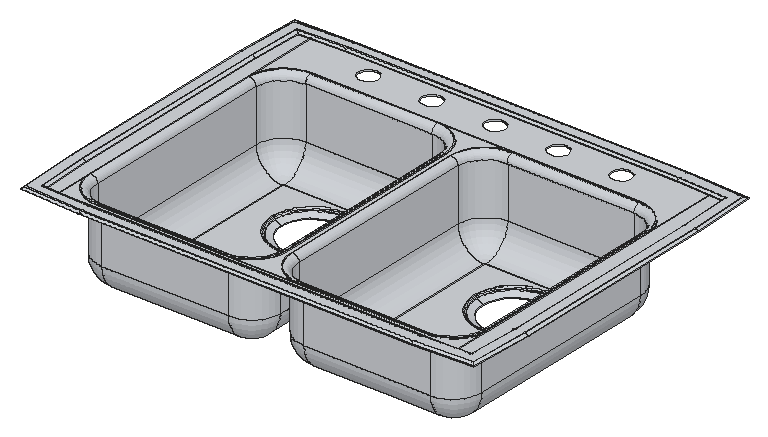
Revit family "LRAD292255", category Plumbing Fixtures, Revit 2019
Family settings
  Round Connector Dimension = Use Diameter
  Part Type = Normal
  OmniClass Number = 23.45.05.14.14
  OmniClass Title = Sinks/Lavatories
  Work Plane-Based = No
  Always vertical = Yes
  Cut with Voids When Loaded = No
  Shared = No
  Room Calculation Point = No
Parameters (values of type "LRAD2922555")
  URL = "www.elkayusa.com"
  Specification Sheet URL = "http://www.elkayusa.com/cps/rde/xbcr/elkay/01-62H_LR(Q)_LRAD(Q)_Double_Bowl.pdf"
  Sink Width = 1' - 10"  # constant formula
  Sink Material = none
  Sink Length = 2' - 5"  # constant formula
  Sink Ledge Sides Width = 0' - 2 3/8"  # constant formula
  Sink Ledge Front Width = 0' - 1 3/4"  # constant formula
  Sink Ledge Back Width = 0' - 4 1/4"  # constant formula
  Sink Depth = 0' - 5 1/2"  # constant formula
  Sink Bowl Formula = ((Sink Length - Sink Ledge Sides Width - Sink Ledge Sides Width - Partition Width) / 2)  # 0' - 11 1/2"
  Partition Width = 0' - 1 1/4"  # constant formula
  Model = "LR3321"
  Minimum Cabinet Width = "33\""
  Manufacturer = "Elkay Manufacturing"
  Installation Sheet URL = "http://www.elkayusa.com/cps/rde/xbcr/elkay/74180147.pdf"
  Hole 5 Top = 0' - 2"
  Hole 4 Top = 0' - 2"
  Hole 3 Top = 0' - 2"
  Hole 2 Top = 0' - 2"
  Hole 1 to 6 = 1' - 6"
  Hole 1 to 8 = 2' - 0"
  Hole 1 to 7 = 1' - 9"
  Hole 1 to 5 = 1' - 4"
  Hole 1 to 4 = 1' - 0"
  Hole 1 to 3 = 0' - 8"
  Hole 1 to 2 = 0' - 4"
  Hole 1 from CL = 0' - 8"
  Hole 1 Top = 0' - 2"
  Faucet Hole CL = 0' - 2 1/4"  # constant formula
  Drain Location = 0' - 4 1/2"  # constant formula
  Description = "Lustertone Double Bowl Sink"
  Deep Specification Sheet URL = "http://www.elkayusa.com/cps/rde/xbcr/elkay/01-19G_DLR(Q)_Double_Bowl.pdf"
  Custom Bowl = no
  Custom Bowl Length = ((Sink Length - Sink Ledge Sides Width - Sink Ledge Sides Width - Partition Width) / 2) - CL Sink to CL Partition  # 0' - 11 1/2"
  CL Sink to CL Partition = 0' - 0"
  Bowl Length = ((Sink Length - Sink Ledge Sides Width - Sink Ledge Sides Width - Partition Width) / 2)  # 0' - 11 1/2"
  Left Bowl Length = if(Custom Bowl, Custom Bowl Length, Sink Bowl Formula)  # 0' - 11 1/2"
  2D Hole 5 = Hole 5 Top = 0' 2"  # yes
  2D Hole 4 = Hole 4 Top = 0' 2"  # yes
  2D Hole 3 = Hole 3 Top = 0' 2"  # yes
  2D Hole 2 = Hole 2 Top = 0' 2"  # yes
  2D Hole 1 = Hole 1 Top = 0' 2"  # yes
Types (6): name | Hole 5 Top | Hole 4 Top | Hole 3 Top | Hole 2 Top | Hole 1 to 5 | Hole 1 from CL | 2D Hole 5 | 2D Hole 4 | 2D Hole 3 | 2D Hole 2
  LRAD2922555 | 0' - 2" | 0' - 2" | 0' - 2" | 0' - 2" | 1' - 4" | 0' - 8" | yes | yes | yes | yes
  LRAD2922554 | 0' - 1 1/2" | 0' - 2" | 0' - 2" | 0' - 2" | 1' - 3" | 0' - 4" | no | yes | yes | yes
  LRAD2922553 | 0' - 1 1/2" | 0' - 1 1/2" | 0' - 2" | 0' - 2" | 1' - 3" | 0' - 4" | no | no | yes | yes
  LRAD292255MR2 | 0' - 1 1/2" | 0' - 1 1/2" | 0' - 1 1/2" | 0' - 2" | 1' - 3" | 0' - 0" | no | no | no | yes
  LRAD2922552 | 0' - 1 1/2" | 0' - 1 1/2" | 0' - 1 1/2" | 0' - 2" | 1' - 3" | 0' - 2" | no | no | no | yes
  LRAD2922551 | 0' - 1 1/2" | 0' - 1 1/2" | 0' - 1 1/2" | 0' - 1 1/2" | 1' - 3" | 0' - 0" | no | no | no | no
Reference planes (in)
  plane 1 "CL Sink Hole": y = 3.5
  plane 2 "Rim Top Outside Corner": z = 0.0015695
  plane 3 "Center (Left/Right)": x = 0
  plane 4 "Basin Edge Left": x = -12.125
  plane 5 "Basin Edge Right": x = 12.125
  plane 6 "Basin Edge Back": y = 8
  plane 7 "Basin Edge Front": y = -8
  plane 8 "Left": x = -14.5
  plane 9 "Right": x = 14.5
  plane 10 "Back": y = 12.25
  plane 11 "Front": y = -9.75
  plane 12 "Sink Angle Back Corner": y = 12.0792275
  plane 13 "Sink Angle Right Corner": x = 14.3267866
  plane 14 "Sink Angle Right": x = 10.5172067
  plane 15 "Sink Angle Back": y = 7.9648437
  plane 16 "Sink Angle Left": x = -10.515625
  plane 17 "Sink Angle Left Corner": x = -14.328125
  plane 18 "Sink Angle Front Corner": y = -9.578125
  plane 19 "Sink Angle Front": y = -5.4648437
  plane 20 "Sink Top Face Back Edge": y = 11.2219509
  plane 21 "Sink Top Face Front Edge": y = -8.7226562
  plane 22 "Sink Top Face Right Edge": x = 12.5976563
  plane 23 "Sink Top Face Left Edge": x = -12.5976563
  plane 24 "Sink Bowl Bottom (Top Face)": z = -5.3945312
  plane 25 "Faucet CL": y = 10
  plane 26 "Sink Top Piece Top Face": z = -0.0194305
  plane 27 "Sink Top Piece Bottom Face": z = -0.0819305
  plane 28 "Left Sink Bottom Piece Right Edge": x = -2.3125
  plane 29 "Top Void for Radius Back Edge": y = 5.5
  plane 30 "back ledge void radius": y = 8.4921875
  plane 31 "front ledge void radius": y = -8.4921875
  plane 32 "Top Radius Corner Prot": z = -0.4405305
  plane 33: z = -3.7070312
  plane 34 "Sink Bowl Bottom (Bottom Face)": z = -5.4570312
  plane 35 "Left Sink Bottom Piece Left Edge": x = -10.4375
  plane 36 "Sink Bottom Piece Right Edge": x = 10.4375
  plane 37 "Sink Bottom Piece Back Edge": y = 6.3125
  plane 38 "Sink Bottom Piece Front Edge": y = -6.3125
  plane 39 "Top Void for Radius Front Edge": y = -5
  plane 40 "Sink Top Locked Edge Right": x = 13.5625
  plane 41 "Sink Top Locked Edge Left": x = -13.5625
  plane 42 "Hole 1": x = -8
  plane 43 "Hole 2": x = -4
  plane 44 "Hole 3": x = 0
  plane 45 "Hole 4": x = 4
  plane 46 "Hole 5": x = 8
  plane 47 "Faucet Hole Void Bottoms": z = -1.9984305
  plane 48 "Hole 1 Top": z = 0.0015695
  plane 49 "Hole 2 Top": z = 0.0015695
  plane 50 "Hole 3 Top": z = 0.0015695
  plane 51 "Hole 4 Top": z = 0.0015695
  plane 52 "Hole 5 Top": z = 0.0015695
  plane 53 "Top": z = 0.1054687
  plane 54 "Insertion Plan for Sink - Bottom Outside Corner of Rim": z = -0.0524008
  plane 55 "Center (Front/Back)": y = 0
  plane 56 "CL PARTITION": x = 0
  plane 57 "LEFT BOWL RIGHT EDGE": x = -0.625
  plane 58 "RIGHT BOWL LEFT EDGE": x = 0.625
  plane 59 "Sink Bottom Piece Left Edge": x = 2.3125
  plane 60 "Left Bowl CL Drain": x = -6.375
  plane 61 "Right Bowl CL Drain": x = 6.375
  plane 62 "Left Partition Left Edge": x = -0.1328125
  plane 63 "Left Partition Right Edge": x = 0.1328125
Forms (in)
  Sweep 1, solid, material <- "Sink Material"
    path origin (0, 0, 0) x (1, 0, 0) y (0, 1, 0)
      loop
        line (10.5172067, 12.25) -> (-10.515625, 12.25) -> (-14.328125, 12.0792275) -> (-14.5, 7.9648437) -> (-14.5, -5.4648437) -> (-14.328125, -9.578125) -> (-10.515625, -9.75) -> (10.5172067, -9.75) -> (14.3267866, -9.578125) -> (14.5, -5.4648437) -> (14.5, 7.9648437) -> (14.3267866, 12.0792275) -> (10.5172067, 12.25)
    profile "profile-elkay-sink-rim-1 : profile-elkay-sink-rim-1" origin (0.0007909, 12.25, 0) x (0, -1, 0) y (0, 0, 1)
      loop
        line (0, 0) -> (0, -0.0524008) -> (0.2039181, 0.0577989) -> (0.8052651, 0.0577989) -> (1.0074493, -0.0709913) -> (1.0074493, -0.0163327) -> (0.841093, 0.0896347)
        arc (0.841093, 0.0896347) -> (0.8176388, 0.1002604) -> (0.7921483, 0.1038992) r 0.091102
        line (0.7921483, 0.1038992) -> (0.2153023, 0.1038992)
        arc (0.2153023, 0.1038992) -> (0.1929626, 0.1011179) -> (0.1719868, 0.0929438) r 0.0911081
        line (0.1719868, 0.0929438) -> (0, 0)
  Extrusion 2, solid, material <- "Sink Material"
    sketch origin (0, 0, 0) x (1, 0, 0) y (0, 1, 0)
      loop
        line (-12.5976563, 11.2219509) -> (-12.5976563, 5.5) -> (12.5976563, 5.5) -> (12.5976563, 11.2219509) -> (-12.5976563, 11.2219509)
    from -0.0819305 to -0.0194305
  Extrusion 3, void
    sketch origin (0, 0, 0) x (1, 0, 0) y (0, 1, 0)
      loop
        line (12.5976563, 5.5) -> (12.5976563, 6.1441505)
        arc (12.5976563, 6.1441505) -> (11.9099322, 7.8044634) -> (10.2496193, 8.4921875) r 2.348037
        line (10.2496193, 8.4921875) -> (-10.25, 8.4921875)
        arc (-10.25, 8.4921875) -> (-11.9100437, 7.8045749) -> (-12.5976563, 6.1445312) r 2.3476562
        line (-12.5976563, 6.1445312) -> (-12.5976563, 5.5) -> (12.5976563, 5.5)
    from -0.7469965 to 0.495879
  Extrusion 4, solid, material <- "Sink Material"
    sketch origin (0, 0, 0) x (1, 0, 0) y (0, 1, 0)
      loop
        line (-12.5976563, -5.4648437) -> (-12.5976563, -8.7226562) -> (12.5976563, -8.7226562) -> (12.5976563, -5.4648437) -> (-12.5976563, -5.4648437)
    from -0.0819305 to -0.0194305
  Extrusion 5, void
    sketch origin (0, 0, 0) x (1, 0, 0) y (0, 1, 0)
      loop
        line (-12.5976563, -5) -> (-12.5976563, -6.2107599)
        arc (-12.5976563, -6.2107599) -> (-11.9294416, -7.8239728) -> (-10.3162287, -8.4921875) r 2.2814276
        line (-10.3162287, -8.4921875) -> (10.3164063, -8.4921875)
        arc (10.3164063, -8.4921875) -> (11.9294936, -7.8240248) -> (12.5976563, -6.2109375) r 2.28125
        line (12.5976563, -6.2109375) -> (12.5976563, -5) -> (-12.5976563, -5)
    from -1.9984305 to 0.6466859
  Extrusion 6, solid, material <- "Sink Material"
    sketch origin (0, 0, 0) x (1, 0, 0) y (0, 1, 0)
      loop
        line (-13.5625, 11.2219509) -> (-13.5625, -8.7226562) -> (-12.5976563, -8.7226562) -> (-12.5976563, 11.2219509) -> (-13.5625, 11.2219509)
    from -0.0819305 to -0.0194305
  Extrusion 7, solid, material <- "Sink Material"
    sketch origin (0, 0, 0) x (1, 0, 0) y (0, 1, 0)
      loop
        line (12.5976563, 11.2219509) -> (12.5976563, -8.7226562) -> (13.5625, -8.7226562) -> (13.5625, 11.2219509) -> (12.5976563, 11.2219509)
    from -0.0819305 to -0.0194305
  Sweep 8, solid, material <- "Sink Material"
    path origin (-14.75, 0, -0.0194305) x (-1, 0, 0) y (0, -1, 0)
      loop
        line (-12.375, -8) -> (-4.375, -8)
        arc (-4.375, -8) -> (-3.1375631, -7.4874369) -> (-2.625, -6.25) r 1.75
        line (-2.625, -6.25) -> (-2.625, 6.25)
        arc (-2.625, 6.25) -> (-3.1375631, 7.4874369) -> (-4.375, 8) r 1.75
        line (-4.375, 8) -> (-12.375, 8)
        arc (-12.375, 8) -> (-13.6124369, 7.4874369) -> (-14.125, 6.25) r 1.75
        line (-14.125, 6.25) -> (-14.125, -6.25)
        arc (-14.125, -6.25) -> (-13.6124369, -7.4874369) -> (-12.375, -8) r 1.75
    profile "profile-elkay-sink-top corner : profile-elkay-sink-top corner" origin (-6.375, 8, -0.0194305) x (0, -1, 0) y (0, 0, 1)
      loop
        line (-0.4204811, 0) -> (-0.4921875, 0) -> (-0.4921875, -0.0461) -> (-0.4204811, -0.0461)
        arc (-0.4204811, -0.0461) -> (-0.1553161, -0.155935) -> (-0.0454811, -0.4211) r 0.375
        line (-0.0454811, -0.4211) -> (0.0006189, -0.4211)
        arc (0.0006189, -0.4211) -> (-0.1227185, -0.1233373) -> (-0.4204811, 0) r 0.4211
  Sweep 9, solid, material <- "Sink Material"
    path origin (-14.75, 0, -5.3945312) x (-1, 0, 0) y (0, -1, 0)
      loop
        line (-2.625, -6.25) -> (-2.625, 6.25)
        arc (-2.625, 6.25) -> (-3.1375631, 7.4874369) -> (-4.375, 8) r 1.75
        line (-4.375, 8) -> (-12.375, 8)
        arc (-12.375, 8) -> (-13.6124369, 7.4874369) -> (-14.125, 6.25) r 1.75
        line (-14.125, 6.25) -> (-14.125, -6.25)
        arc (-14.125, -6.25) -> (-13.6124369, -7.4874369) -> (-12.375, -8) r 1.75
        line (-12.375, -8) -> (-4.375, -8)
        arc (-4.375, -8) -> (-3.1375631, -7.4874369) -> (-2.625, -6.25) r 1.75
    profile "profile-elkay-sink-btm-crnr_1-6875 : profile-elkay-sink-btm-crnr_1-6875" origin (-12.125, 0, -5.3945312) x (1, 0, 0) y (0, 0, 1)
      loop
        line (1.6875, -0.0625) -> (1.6875, 0)
        arc (1.6875, 0) -> (0.4942573, 0.4942573) -> (0, 1.6875) r 1.6875
        line (0, 1.6875) -> (-0.0625, 1.6875)
        arc (-0.0625, 1.6875) -> (0.4500631, 0.4500631) -> (1.6875, -0.0625) r 1.75
  Extrusion 10, solid, material <- "Sink Material"
    sketch origin (0, 0, 0) x (1, 0, 0) y (0, 1, 0)
      loop
        line (-10.4375, 6.3125) -> (-10.4375, -6.3125) -> (-2.3125, -6.3125) -> (-2.3125, 6.3125) -> (-10.4375, 6.3125)
    from -5.4570312 to -5.3945312
  Extrusion 11, solid, material <- "Sink Material"
    sketch origin (-14.75, 0, 0) x (1, 0, 0) y (0, 1, 0)
      loop
        arc (4.375, 8) -> (3.1375631, 7.4874369) -> (2.625, 6.25) r 1.75
        line (2.625, 6.25) -> (2.625, -6.25)
        arc (2.625, -6.25) -> (3.1375631, -7.4874369) -> (4.375, -8) r 1.75
        line (4.375, -8) -> (12.375, -8)
        arc (12.375, -8) -> (13.6124369, -7.4874369) -> (14.125, -6.25) r 1.75
        line (14.125, -6.25) -> (14.125, 6.25)
        arc (14.125, 6.25) -> (13.6124369, 7.4874369) -> (12.375, 8) r 1.75
        line (12.375, 8) -> (4.375, 8)
      loop
        arc (4.375, 8.0625) -> (3.093369, 7.531631) -> (2.5625, 6.25) r 1.8125
        line (2.5625, 6.25) -> (2.5625, -6.25)
        arc (2.5625, -6.25) -> (3.093369, -7.531631) -> (4.375, -8.0625) r 1.8125
        line (4.375, -8.0625) -> (12.375, -8.0625)
        arc (12.375, -8.0625) -> (13.656631, -7.531631) -> (14.1875, -6.25) r 1.8125
        line (14.1875, -6.25) -> (14.1875, 6.25)
        arc (14.1875, 6.25) -> (13.656631, 7.531631) -> (12.375, 8.0625) r 1.8125
        line (12.375, 8.0625) -> (4.375, 8.0625)
    from -3.7070312 to -0.4405305
  Extrusion 12, void
    sketch origin (0, 0, 0) x (1, 0, 0) y (0, 1, 0)
      loop
        circle (-6.375, 3.5) r 2.5
    from -5.4570312 to -3.8320313
  Sweep 13, solid, material <- "Sink Material"
    path origin (-14.75, 0, -5.3945312) x (-1, 0, 0) y (0, -1, 0)
      loop
        circle (-8.375, -3.5) r 2.501635
    profile "profile-elkay-sink-hole-1 : profile-elkay-sink-hole-1" origin (-6.375, 0.998365, -5.3945312) x (0, 1, 0) y (0, 0, 1)
      loop
        line (0.5785343, -0.3269365) -> (0.1564602, -0.1343744)
        arc (0.1564602, -0.1343744) -> (0.1424945, -0.125589) -> (0.1313144, -0.1134552) r 0.0625
        line (0.1313144, -0.1134552) -> (0.0881719, -0.0522605)
        arc (0.0881719, -0.0522605) -> (0.0506391, -0.015074) -> (0, 0) r 0.1086
        line (0, 0) -> (0, -0.0461763)
        arc (0, -0.0461763) -> (0.0262058, -0.0541921) -> (0.0464633, -0.0726482) r 0.0625
        line (0.0464633, -0.0726482) -> (0.093406, -0.1396891)
        arc (0.093406, -0.1396891) -> (0.1129384, -0.1609677) -> (0.1373891, -0.176345) r 0.1086
        line (0.1373891, -0.176345) -> (0.5785343, -0.3776079) -> (0.5785343, -0.3269365)
  Sweep 14, solid, material <- "Sink Material"
    path origin (14.75, 0, -0.0194305) x (-1, 0, 0) y (0, -1, 0)
      loop
        line (4.375, -8) -> (12.375, -8)
        arc (12.375, -8) -> (13.6124369, -7.4874369) -> (14.125, -6.25) r 1.75
        line (14.125, -6.25) -> (14.125, 6.25)
        arc (14.125, 6.25) -> (13.6124369, 7.4874369) -> (12.375, 8) r 1.75
        line (12.375, 8) -> (4.375, 8)
        arc (4.375, 8) -> (3.1375631, 7.4874369) -> (2.625, 6.25) r 1.75
        line (2.625, 6.25) -> (2.625, -6.25)
        arc (2.625, -6.25) -> (3.1375631, -7.4874369) -> (4.375, -8) r 1.75
    profile "profile-elkay-sink-top corner : profile-elkay-sink-top corner" origin (6.375, 8, -0.0194305) x (0, -1, 0) y (0, 0, 1)
      loop
        line (-0.4204811, 0) -> (-0.4921875, 0) -> (-0.4921875, -0.0461) -> (-0.4204811, -0.0461)
        arc (-0.4204811, -0.0461) -> (-0.1553161, -0.155935) -> (-0.0454811, -0.4211) r 0.375
        line (-0.0454811, -0.4211) -> (0.0006189, -0.4211)
        arc (0.0006189, -0.4211) -> (-0.1227185, -0.1233373) -> (-0.4204811, 0) r 0.4211
  Sweep 15, solid, material <- "Sink Material"
    path origin (14.75, 0, -5.3945312) x (-1, 0, 0) y (0, -1, 0)
      loop
        line (14.125, -6.25) -> (14.125, 6.25)
        arc (14.125, 6.25) -> (13.6124369, 7.4874369) -> (12.375, 8) r 1.75
        line (12.375, 8) -> (4.375, 8)
        arc (4.375, 8) -> (3.1375631, 7.4874369) -> (2.625, 6.25) r 1.75
        line (2.625, 6.25) -> (2.625, -6.25)
        arc (2.625, -6.25) -> (3.1375631, -7.4874369) -> (4.375, -8) r 1.75
        line (4.375, -8) -> (12.375, -8)
        arc (12.375, -8) -> (13.6124369, -7.4874369) -> (14.125, -6.25) r 1.75
    profile "profile-elkay-sink-btm-crnr_1-6875 : profile-elkay-sink-btm-crnr_1-6875" origin (0.625, 0, -5.3945312) x (1, 0, 0) y (0, 0, 1)
      loop
        line (1.6875, -0.0625) -> (1.6875, 0)
        arc (1.6875, 0) -> (0.4942573, 0.4942573) -> (0, 1.6875) r 1.6875
        line (0, 1.6875) -> (-0.0625, 1.6875)
        arc (-0.0625, 1.6875) -> (0.4500631, 0.4500631) -> (1.6875, -0.0625) r 1.75
  Extrusion 16, solid, material <- "Sink Material"
    sketch origin (14.75, 0, 0) x (1, 0, 0) y (0, 1, 0)
      loop
        arc (-12.375, 8) -> (-13.6124369, 7.4874369) -> (-14.125, 6.25) r 1.75
        line (-14.125, 6.25) -> (-14.125, -6.25)
        arc (-14.125, -6.25) -> (-13.6124369, -7.4874369) -> (-12.375, -8) r 1.75
        line (-12.375, -8) -> (-4.375, -8)
        arc (-4.375, -8) -> (-3.1375631, -7.4874369) -> (-2.625, -6.25) r 1.75
        line (-2.625, -6.25) -> (-2.625, 6.25)
        arc (-2.625, 6.25) -> (-3.1375631, 7.4874369) -> (-4.375, 8) r 1.75
        line (-4.375, 8) -> (-12.375, 8)
      loop
        arc (-12.375, 8.0625) -> (-13.656631, 7.531631) -> (-14.1875, 6.25) r 1.8125
        line (-14.1875, 6.25) -> (-14.1875, -6.25)
        arc (-14.1875, -6.25) -> (-13.656631, -7.531631) -> (-12.375, -8.0625) r 1.8125
        line (-12.375, -8.0625) -> (-4.375, -8.0625)
        arc (-4.375, -8.0625) -> (-3.093369, -7.531631) -> (-2.5625, -6.25) r 1.8125
        line (-2.5625, -6.25) -> (-2.5625, 6.25)
        arc (-2.5625, 6.25) -> (-3.093369, 7.531631) -> (-4.375, 8.0625) r 1.8125
        line (-4.375, 8.0625) -> (-12.375, 8.0625)
    from -3.7070312 to -0.4405305
  Extrusion 17, solid, material <- "Sink Material"
    sketch origin (0, 0, 0) x (1, 0, 0) y (0, 1, 0)
      loop
        line (2.3125, 6.3125) -> (2.3125, -6.3125) -> (10.4375, -6.3125) -> (10.4375, 6.3125) -> (2.3125, 6.3125)
    from -5.4570312 to -5.3945312
  Extrusion 18, void
    sketch origin (0, 0, 0) x (1, 0, 0) y (0, 1, 0)
      loop
        circle (6.375, 3.5) r 2.5
    from -5.4570312 to -3.7070312
  Sweep 19, solid, material <- "Sink Material"
    path origin (14.75, 0, -5.3945312) x (-1, 0, 0) y (0, -1, 0)
      loop
        circle (8.375, -3.5) r 2.501635
    profile "profile-elkay-sink-hole-1 : profile-elkay-sink-hole-1" origin (6.375, 0.998365, -5.3945312) x (0, 1, 0) y (0, 0, 1)
      loop
        line (0.5785343, -0.3269365) -> (0.1564602, -0.1343744)
        arc (0.1564602, -0.1343744) -> (0.1424945, -0.125589) -> (0.1313144, -0.1134552) r 0.0625
        line (0.1313144, -0.1134552) -> (0.0881719, -0.0522605)
        arc (0.0881719, -0.0522605) -> (0.0506391, -0.015074) -> (0, 0) r 0.1086
        line (0, 0) -> (0, -0.0461763)
        arc (0, -0.0461763) -> (0.0262058, -0.0541921) -> (0.0464633, -0.0726482) r 0.0625
        line (0.0464633, -0.0726482) -> (0.093406, -0.1396891)
        arc (0.093406, -0.1396891) -> (0.1129384, -0.1609677) -> (0.1373891, -0.176345) r 0.1086
        line (0.1373891, -0.176345) -> (0.5785343, -0.3776079) -> (0.5785343, -0.3269365)
  Extrusion 20, void
    sketch origin (0, 0, 0) x (1, 0, 0) y (0, 1, 0)
      loop
        circle (-8, 10) r 0.625
    from -1.9984305 to 0.0015695
  Extrusion 21, void
    sketch origin (0, 0, 0) x (1, 0, 0) y (0, 1, 0)
      loop
        circle (-4, 10) r 0.625
    from -1.9984305 to 0.0015695
  Extrusion 22, void
    sketch origin (0, 0, 0) x (1, 0, 0) y (0, 1, 0)
      loop
        circle (0, 10) r 0.625
    from -1.9984305 to 0.0015695
  Extrusion 23, void
    sketch origin (0, 0, 0) x (1, 0, 0) y (0, 1, 0)
      loop
        circle (4, 10) r 0.625
    from -1.9984305 to 0.0015695
  Extrusion 24, void
    sketch origin (0, 0, 0) x (1, 0, 0) y (0, 1, 0)
      loop
        circle (8, 10) r 0.625
    from -1.9984305 to 0.0015695
  Extrusion 25, solid, material <- "Sink Material"
    sketch origin (0, 0, 0) x (1, 0, 0) y (0, 1, 0)
      loop
        arc (-2.375, 8.4921875) -> (-0.789534, 7.835466) -> (-0.1328125, 6.25) r 2.2421875
        line (-0.1328125, 6.25) -> (-0.1328125, -6.25)
        arc (-0.1328125, -6.25) -> (-0.789534, -7.835466) -> (-2.375, -8.4921875) r 2.2421875
        line (-2.375, -8.4921875) -> (2.375, -8.4921875)
        arc (2.375, -8.4921875) -> (0.789534, -7.835466) -> (0.1328125, -6.25) r 2.2421875
        line (0.1328125, -6.25) -> (0.1328125, 6.25)
        arc (0.1328125, 6.25) -> (0.789534, 7.835466) -> (2.375, 8.4921875) r 2.2421875
        line (2.375, 8.4921875) -> (-2.375, 8.4921875)
    from -0.0819305 to -0.0194305
Cuts and joins
  Extrusion 3, Extrusion 12, Extrusion 18, Extrusion 20, Extrusion 21, Extrusion 22, Extrusion 23, Extrusion 24 cuts Sweep 1
  Extrusion 3, Extrusion 20, Extrusion 21, Extrusion 22, Extrusion 23, Extrusion 24 cuts Extrusion 2
  Extrusion 5 cuts Extrusion 4
  Extrusion 12 cuts Extrusion 10
  Extrusion 18 cuts Extrusion 17
Lines and regions (in)
  reference lines
    curve 1: line (10.5172067, 12.25, 0) -> (14.3267866, 12.0792275, 0)
    curve 2: line (14.3267866, 12.0792275, 0) -> (14.5, 7.9648437, 0)
    curve 3: line (-10.515625, 12.25, 0) -> (-14.328125, 12.0792275, 0)
    curve 4: line (-14.328125, 12.0792275, 0) -> (-14.5, 7.9648437, 0)
    curve 5: line (-14.5, -5.4648437, 0) -> (-14.328125, -9.578125, 0)
    curve 6: line (-14.328125, -9.578125, 0) -> (-10.515625, -9.75, 0)
    curve 7: line (14.5, -5.4648437, 0) -> (14.3267866, -9.578125, 0)
    curve 8: line (14.3267866, -9.578125, 0) -> (10.5172067, -9.75, 0)
Dimensions and locks (in)
  "Sink Ledge Sides Width": plane 8 "Left" to plane 4 "Basin Edge Left"
  "Sink Ledge Sides Width": plane 5 "Basin Edge Right" to plane 9 "Right"
  "Sink Length": plane 8 "Left" to plane 9 "Right"
  "Drain Location": plane 6 "Basin Edge Back" to plane 1 "CL Sink Hole"
  "Sink Ledge Back Width": plane 10 "Back" to plane 6 "Basin Edge Back"
  "Sink Ledge Front Width": plane 7 "Basin Edge Front" to plane 11 "Front"
  locked: plane 13 "Sink Angle Right Corner" to plane 9 "Right" at 0.1732134
  locked: plane 10 "Back" to plane 12 "Sink Angle Back Corner" at 0.1707725
  locked: plane 14 "Sink Angle Right" to plane 9 "Right" at 3.9827933
  locked: plane 10 "Back" to plane 15 "Sink Angle Back" at 4.2851562
  locked: plane 8 "Left" to plane 17 "Sink Angle Left Corner" at 0.171875
  locked: plane 8 "Left" to plane 16 "Sink Angle Left" at 3.984375
  locked: plane 18 "Sink Angle Front Corner" to plane 11 "Front" at 0.171875
  locked: plane 19 "Sink Angle Front" to plane 11 "Front" at 4.2851562
  "Sink Width": plane 10 "Back" to plane 11 "Front"
  locked: plane 10 "Back" to plane 20 "Sink Top Face Back Edge" at 1.0280491
  locked: plane 21 "Sink Top Face Front Edge" to plane 11 "Front" at 1.0273438
  locked: plane 23 "Sink Top Face Left Edge" to plane 4 "Basin Edge Left" at 0.4726562
  "Sink Depth": plane 53 "Top" to plane 24 "Sink Bowl Bottom (Top Face)"
  "Faucet Hole CL": plane 10 "Back" to plane 25 "Faucet CL"
  locked: plane 2 "Rim Top Outside Corner" to plane 26 "Sink Top Piece Top Face" at 0.021
  locked: plane 26 "Sink Top Piece Top Face" to plane 27 "Sink Top Piece Bottom Face" at 0.0625
  locked: plane 6 "Basin Edge Back" to plane 29 "Top Void for Radius Back Edge" at 2.5
  locked: plane 30 "back ledge void radius" to plane 29 "Top Void for Radius Back Edge" at 2.9921875
  locked: plane 39 "Top Void for Radius Front Edge" to plane 31 "front ledge void radius" at 3.4921875
  locked: plane 2 "Rim Top Outside Corner" to plane 32 "Top Radius Corner Prot" at 0.4421
  locked: plane 33 to plane 24 "Sink Bowl Bottom (Top Face)" at 1.6875
  locked: plane 24 "Sink Bowl Bottom (Top Face)" to plane 34 "Sink Bowl Bottom (Bottom Face)" at 0.0625
  locked: plane 38 "Sink Bottom Piece Front Edge" to plane 7 "Basin Edge Front" at 1.6875
  locked: plane 4 "Basin Edge Left" to plane 35 "Left Sink Bottom Piece Left Edge" at 1.6875
  locked: plane 36 "Sink Bottom Piece Right Edge" to plane 5 "Basin Edge Right" at 1.6875
  locked: plane 6 "Basin Edge Back" to plane 37 "Sink Bottom Piece Back Edge" at 1.6875
  locked: plane 39 "Top Void for Radius Front Edge" to plane 7 "Basin Edge Front" at 3
  locked: plane 5 "Basin Edge Right" to plane 22 "Sink Top Face Right Edge" at 0.4726562
  locked: Extrusion 3 sketch curve to plane 5 "Basin Edge Right" at 1.8753807
  locked: plane 6 "Basin Edge Back" to Extrusion 3 sketch curve at 1.8558495
  locked: plane 4 "Basin Edge Left" to Extrusion 3 sketch curve at 1.875
  locked: plane 6 "Basin Edge Back" to Extrusion 3 sketch curve at 1.8554688
  locked: plane 4 "Basin Edge Left" to Extrusion 5 sketch curve at 1.8087713
  locked: Extrusion 5 sketch curve to plane 5 "Basin Edge Right" at 1.8085938
  locked: Extrusion 5 sketch curve to plane 7 "Basin Edge Front" at 1.7892401
  locked: Extrusion 5 sketch curve to plane 7 "Basin Edge Front" at 1.7890625
  locked: plane 40 "Sink Top Locked Edge Right" to plane 9 "Right" at 0.9375
  locked: plane 8 "Left" to plane 41 "Sink Top Locked Edge Left" at 0.9375
  "Hole 1 from CL": plane 42 "Hole 1" to plane 3 "Center (Left/Right)"
  "Hole 1 to 2": plane 42 "Hole 1" to plane 43 "Hole 2"
  "Hole 1 to 3": plane 42 "Hole 1" to plane 44 "Hole 3"
  "Hole 1 to 4": plane 42 "Hole 1" to plane 45 "Hole 4"
  "Hole 1 to 5": plane 42 "Hole 1" to plane 46 "Hole 5"
  locked: plane 2 "Rim Top Outside Corner" to plane 47 "Faucet Hole Void Bottoms" at 2
  "Hole 1 Top": plane 48 "Hole 1 Top" to plane 47 "Faucet Hole Void Bottoms"
  "Hole 2 Top": plane 49 "Hole 2 Top" to plane 47 "Faucet Hole Void Bottoms"
  "Hole 3 Top": plane 50 "Hole 3 Top" to plane 47 "Faucet Hole Void Bottoms"
  "Hole 4 Top": plane 51 "Hole 4 Top" to plane 47 "Faucet Hole Void Bottoms"
  "Hole 5 Top": plane 52 "Hole 5 Top" to plane 47 "Faucet Hole Void Bottoms"
  locked: plane 53 "Top" to plane 2 "Rim Top Outside Corner" at 0.1038992
  locked: plane 53 "Top" to plane 54 "Insertion Plan for Sink - Bottom Outside Corner of Rim" at 0.1578695
  equal spacing: plane 6 "Basin Edge Back", plane 55 "Center (Front/Back)", plane 7 "Basin Edge Front"
  locked: plane 28 "Left Sink Bottom Piece Right Edge" to plane 57 "LEFT BOWL RIGHT EDGE" at 1.6875
  locked: plane 58 "RIGHT BOWL LEFT EDGE" to plane 59 "Sink Bottom Piece Left Edge" at 1.6875
  locked: plane 6 "Basin Edge Back" to Sweep 8 sketch curve at 1.75  (x2)
  locked: plane 4 "Basin Edge Left" to Sweep 8 sketch curve at 1.75  (x2)
  locked: Sweep 8 sketch curve to plane 57 "LEFT BOWL RIGHT EDGE" at 1.75  (x2)
  locked: Sweep 8 sketch curve to plane 7 "Basin Edge Front" at 1.75  (x2)
  equal spacing: plane 8 "Left", plane 3 "Center (Left/Right)", plane 9 "Right"
  equal spacing: plane 4 "Basin Edge Left", plane 60 "Left Bowl CL Drain", plane 57 "LEFT BOWL RIGHT EDGE"
  equal spacing: plane 58 "RIGHT BOWL LEFT EDGE", plane 61 "Right Bowl CL Drain", plane 5 "Basin Edge Right"
  locked: plane 4 "Basin Edge Left" to Sweep 9 sketch curve at 1.75  (x2)
  locked: Sweep 9 sketch curve to plane 57 "LEFT BOWL RIGHT EDGE" at 1.75  (x2)
  locked: plane 6 "Basin Edge Back" to Sweep 9 sketch curve at 1.75  (x2)
  locked: Sweep 9 sketch curve to plane 7 "Basin Edge Front" at 1.75  (x2)
  locked: plane 6 "Basin Edge Back" to Extrusion 11 sketch curve at 1.75  (x2)
  locked: plane 4 "Basin Edge Left" to Extrusion 11 sketch curve at 1.75  (x2)
  locked: Extrusion 11 sketch curve to plane 57 "LEFT BOWL RIGHT EDGE" at 1.75  (x2)
  locked: Extrusion 11 sketch curve to plane 7 "Basin Edge Front" at 1.75  (x2)
  locked: plane 58 "RIGHT BOWL LEFT EDGE" to Sweep 14 sketch curve at 1.75  (x2)
  locked: Sweep 14 sketch curve to plane 5 "Basin Edge Right" at 1.75  (x2)
  locked: plane 6 "Basin Edge Back" to Sweep 14 sketch curve at 1.75  (x2)
  locked: Sweep 14 sketch curve to plane 7 "Basin Edge Front" at 1.75  (x2)
  locked: Sweep 15 sketch curve to plane 5 "Basin Edge Right" at 1.75  (x2)
  locked: Sweep 15 sketch curve to plane 7 "Basin Edge Front" at 1.75  (x2)
  locked: plane 58 "RIGHT BOWL LEFT EDGE" to Sweep 15 sketch curve at 1.75  (x2)
  locked: plane 6 "Basin Edge Back" to Sweep 15 sketch curve at 1.75  (x2)
  locked: plane 58 "RIGHT BOWL LEFT EDGE" to Extrusion 16 sketch curve at 1.75  (x2)
  locked: Extrusion 16 sketch curve to plane 5 "Basin Edge Right" at 1.75  (x2)
  locked: Extrusion 16 sketch curve to plane 7 "Basin Edge Front" at 1.75  (x2)
  locked: plane 6 "Basin Edge Back" to Extrusion 16 sketch curve at 1.75  (x2)
  plane 8 "Left" to plane 42 "Hole 1" = 0' - 6 1/2"
  locked: Extrusion 25 sketch curve to plane 57 "LEFT BOWL RIGHT EDGE" at 1.75  (x2)
  locked: plane 6 "Basin Edge Back" to Extrusion 25 sketch curve at 1.75  (x2)
  locked: Extrusion 25 sketch curve to plane 31 "front ledge void radius" at 2.2421875  (x2)
  plane 62 "Left Partition Left Edge" to plane 56 "CL PARTITION" to plane 63 "Left Partition Right Edge" = 0' - 0 17/128" locked, 0' - 0 17/128" locked
  "CL Sink to CL Partition": plane 56 "CL PARTITION" to plane 3 "Center (Left/Right)"
  "Partition Width": plane 57 "LEFT BOWL RIGHT EDGE" to plane 58 "RIGHT BOWL LEFT EDGE"
  equal spacing: plane 57 "LEFT BOWL RIGHT EDGE", plane 56 "CL PARTITION", plane 58 "RIGHT BOWL LEFT EDGE"
  locked: plane 58 "RIGHT BOWL LEFT EDGE" to Extrusion 25 sketch curve at 1.75  (x2)
  aligned and locked: plane 9 "Right" to Sweep 1 sketch curve
  aligned and locked: plane 10 "Back" to Sweep 1 sketch curve
  aligned and locked: Sweep 1 sketch curve to plane 8 "Left"
  aligned and locked: Sweep 1 sketch curve to plane 11 "Front"
  aligned and locked: Sweep 1 sketch curve to curve 7
  aligned and locked: Sweep 1 sketch curve to curve 8
  aligned and locked: Sweep 1 sketch curve to curve 6
  aligned and locked: Sweep 1 sketch curve to curve 5
  aligned and locked: Sweep 1 sketch curve to curve 4
  aligned and locked: Sweep 1 sketch curve to curve 3
  aligned and locked: Sweep 1 sketch curve to curve 1
  aligned and locked: Sweep 1 sketch curve to curve 2
  aligned and locked: plane 29 "Top Void for Radius Back Edge" to Extrusion 2 sketch curve
  aligned and locked: plane 23 "Sink Top Face Left Edge" to Extrusion 2 sketch curve
  aligned and locked: Extrusion 2 sketch curve to plane 22 "Sink Top Face Right Edge"
  aligned and locked: Extrusion 2 sketch curve to plane 20 "Sink Top Face Back Edge"
  aligned and locked: Extrusion 2 to plane 27 "Sink Top Piece Bottom Face"
  aligned and locked: plane 23 "Sink Top Face Left Edge" to Extrusion 3 sketch curve
  aligned and locked: Extrusion 3 sketch curve to plane 22 "Sink Top Face Right Edge"
  aligned and locked: plane 29 "Top Void for Radius Back Edge" to Extrusion 3 sketch curve
  aligned and locked: plane 26 "Sink Top Piece Top Face" to Extrusion 2
  aligned and locked: plane 30 "back ledge void radius" to Extrusion 3 sketch curve
  aligned and locked: plane 23 "Sink Top Face Left Edge" to Extrusion 4 sketch curve
  aligned and locked: Extrusion 4 sketch curve to plane 19 "Sink Angle Front"
  aligned and locked: plane 21 "Sink Top Face Front Edge" to Extrusion 4 sketch curve
  aligned and locked: Extrusion 4 sketch curve to plane 22 "Sink Top Face Right Edge"
  aligned and locked: plane 26 "Sink Top Piece Top Face" to Extrusion 4
  aligned and locked: Extrusion 4 to plane 27 "Sink Top Piece Bottom Face"
  aligned and locked: Extrusion 5 sketch curve to plane 22 "Sink Top Face Right Edge"
  aligned and locked: plane 23 "Sink Top Face Left Edge" to Extrusion 5 sketch curve
  aligned and locked: plane 31 "front ledge void radius" to Extrusion 5 sketch curve
  aligned and locked: Extrusion 5 sketch curve to plane 39 "Top Void for Radius Front Edge"
  aligned and locked: plane 41 "Sink Top Locked Edge Left" to Extrusion 6 sketch curve
  aligned and locked: Extrusion 6 sketch curve to plane 23 "Sink Top Face Left Edge"
  aligned and locked: Extrusion 6 to plane 27 "Sink Top Piece Bottom Face"
  aligned and locked: plane 26 "Sink Top Piece Top Face" to Extrusion 6
  aligned and locked: plane 20 "Sink Top Face Back Edge" to Extrusion 6
  aligned and locked: Extrusion 6 to plane 21 "Sink Top Face Front Edge"
  aligned and locked: Extrusion 7 sketch curve to plane 20 "Sink Top Face Back Edge"
  aligned and locked: plane 22 "Sink Top Face Right Edge" to Extrusion 7 sketch curve
  aligned and locked: plane 21 "Sink Top Face Front Edge" to Extrusion 7 sketch curve
  aligned and locked: plane 40 "Sink Top Locked Edge Right" to Extrusion 7 sketch curve
  aligned and locked: Extrusion 7 to plane 27 "Sink Top Piece Bottom Face"
  aligned and locked: plane 26 "Sink Top Piece Top Face" to Extrusion 7
  aligned and locked: Extrusion 5 to plane 47 "Faucet Hole Void Bottoms"
  aligned and locked: Sweep 8 sketch curve to plane 4 "Basin Edge Left"
  aligned and locked: Sweep 8 sketch curve to plane 57 "LEFT BOWL RIGHT EDGE"
  aligned and locked: Sweep 9 sketch curve to plane 57 "LEFT BOWL RIGHT EDGE"
  aligned and locked: Sweep 9 sketch curve to plane 6 "Basin Edge Back"
  aligned and locked: Sweep 9 sketch curve to plane 7 "Basin Edge Front"
  aligned and locked: plane 35 "Left Sink Bottom Piece Left Edge" to Extrusion 10 sketch curve
  aligned and locked: Extrusion 10 sketch curve to plane 28 "Left Sink Bottom Piece Right Edge"
  aligned and locked: plane 38 "Sink Bottom Piece Front Edge" to Extrusion 10 sketch curve
  aligned and locked: Extrusion 10 sketch curve to plane 37 "Sink Bottom Piece Back Edge"
  aligned and locked: Extrusion 10 to plane 34 "Sink Bowl Bottom (Bottom Face)"
  aligned and locked: plane 24 "Sink Bowl Bottom (Top Face)" to Extrusion 10
  aligned and locked: plane 4 "Basin Edge Left" to Extrusion 11 sketch curve
  aligned and locked: plane 7 "Basin Edge Front" to Extrusion 11 sketch curve
  aligned and locked: Extrusion 11 sketch curve to plane 57 "LEFT BOWL RIGHT EDGE"
  aligned and locked: Extrusion 11 sketch curve to plane 6 "Basin Edge Back"
  aligned and locked: plane 32 "Top Radius Corner Prot" to Extrusion 11
  aligned and locked: Extrusion 12 to plane 34 "Sink Bowl Bottom (Bottom Face)"
  aligned and locked: Sweep 14 sketch curve to plane 7 "Basin Edge Front"
  aligned and locked: Sweep 14 sketch curve to plane 5 "Basin Edge Right"
  aligned and locked: Sweep 14 sketch curve to plane 58 "RIGHT BOWL LEFT EDGE"
  aligned and locked: Sweep 15 sketch curve to plane 58 "RIGHT BOWL LEFT EDGE"
  aligned and locked: Sweep 15 sketch curve to plane 5 "Basin Edge Right"
  aligned and locked: Sweep 15 sketch curve to plane 7 "Basin Edge Front"
  aligned and locked: plane 32 "Top Radius Corner Prot" to Extrusion 16
  aligned and locked: plane 59 "Sink Bottom Piece Left Edge" to Extrusion 17 sketch curve
  aligned and locked: Extrusion 17 sketch curve to plane 36 "Sink Bottom Piece Right Edge"
  aligned and locked: plane 38 "Sink Bottom Piece Front Edge" to Extrusion 17 sketch curve
  aligned and locked: Extrusion 17 sketch curve to plane 37 "Sink Bottom Piece Back Edge"
  aligned: Extrusion 17 to plane 24 "Sink Bowl Bottom (Top Face)"
  aligned and locked: Extrusion 17 to plane 34 "Sink Bowl Bottom (Bottom Face)"
  aligned and locked: plane 24 "Sink Bowl Bottom (Top Face)" to Extrusion 17
  aligned and locked: Extrusion 18 to plane 34 "Sink Bowl Bottom (Bottom Face)"
  aligned and locked: plane 33 to Extrusion 18
  aligned and locked: plane 58 "RIGHT BOWL LEFT EDGE" to Extrusion 16 sketch curve
  aligned and locked: Extrusion 20 to plane 47 "Faucet Hole Void Bottoms"
  aligned and locked: Extrusion 21 to plane 47 "Faucet Hole Void Bottoms"
  aligned and locked: Extrusion 22 to plane 47 "Faucet Hole Void Bottoms"
  aligned and locked: Extrusion 23 to plane 47 "Faucet Hole Void Bottoms"
  aligned and locked: Extrusion 24 to plane 47 "Faucet Hole Void Bottoms"
  aligned and locked: Extrusion 20 to plane 48 "Hole 1 Top"
  aligned and locked: Extrusion 21 to plane 49 "Hole 2 Top"
  aligned and locked: Extrusion 22 to plane 50 "Hole 3 Top"
  aligned and locked: Extrusion 23 to plane 51 "Hole 4 Top"
  aligned and locked: plane 52 "Hole 5 Top" to Extrusion 24
  aligned and locked: plane 30 "back ledge void radius" to Extrusion 25 sketch curve
  aligned and locked: plane 31 "front ledge void radius" to Extrusion 25 sketch curve
  aligned and locked: Extrusion 25 sketch curve to plane 63 "Left Partition Right Edge"
  aligned and locked: plane 62 "Left Partition Left Edge" to Extrusion 25 sketch curve
  aligned and locked: Extrusion 25 to plane 27 "Sink Top Piece Bottom Face"
  aligned and locked: plane 26 "Sink Top Piece Top Face" to Extrusion 25
  aligned and locked: Extrusion 11 to plane 33
  aligned and locked: Extrusion 16 to plane 33
Automatic sketch dimensions
  curve 4 to plane 8 "Left" = 0' - 0"
  curve 5 to plane 8 "Left" = 0' - 0"
  curve 5 to plane 17 "Sink Angle Left Corner" = 0' - 0"
  curve 4 to plane 12 "Sink Angle Back Corner" = 0' - 0"
  curve 4 to plane 17 "Sink Angle Left Corner" = 0' - 0"
  curve 3 to plane 10 "Back" = 0' - 0"
  curve 3 to plane 16 "Sink Angle Left" = 0' - 0"
  curve 6 to plane 11 "Front" = 0' - 0"
  curve 6 to plane 16 "Sink Angle Left" = 0' - 0"
  curve 1 to plane 10 "Back" = 0' - 0"
  curve 1 to plane 14 "Sink Angle Right" = 0' - 0"
  curve 8 to plane 11 "Front" = 0' - 0"
  curve 8 to plane 14 "Sink Angle Right" = 0' - 0"
  curve 1 to plane 12 "Sink Angle Back Corner" = 0' - 0"
  curve 1 to plane 13 "Sink Angle Right Corner" = 0' - 0"
  curve 8 to plane 13 "Sink Angle Right Corner" = 0' - 0"
  curve 7 to plane 9 "Right" = 0' - 0"
  curve 2 to plane 9 "Right" = 0' - 0"
  curve 5 to plane 18 "Sink Angle Front Corner" = 0' - 0"
  curve 7 to plane 18 "Sink Angle Front Corner" = 0' - 0"
  curve 7 to plane 19 "Sink Angle Front" = 0' - 0"
  curve 5 to plane 19 "Sink Angle Front" = 0' - 0"
  curve 2 to plane 15 "Sink Angle Back" = 0' - 0"
  curve 4 to plane 15 "Sink Angle Back" = 0' - 0"
  Extrusion 6 sketch curve to plane 21 "Sink Top Face Front Edge" = 0' - 0"
  Extrusion 6 sketch curve to plane 20 "Sink Top Face Back Edge" = 0' - 0"
  Extrusion 11 sketch curve to Extrusion 11 sketch curve = 0' - 0"  (x7)
  Extrusion 11 sketch curve to Extrusion 11 sketch curve = 0' - 0 1/16"
  plane 1 "CL Sink Hole" to Extrusion 12 sketch curve = 0' - 0"
  Extrusion 12 sketch curve to plane 60 "Left Bowl CL Drain" = 0' - 0"
  plane 1 "CL Sink Hole" to Sweep 13 sketch curve = 0' - 0"
  Sweep 13 sketch curve to plane 60 "Left Bowl CL Drain" = 0' - 0"
  plane 1 "CL Sink Hole" to Extrusion 18 sketch curve = 0' - 0"
  Extrusion 18 sketch curve to plane 61 "Right Bowl CL Drain" = 0' - 0"
  Sweep 19 sketch curve to plane 1 "CL Sink Hole" = 0' - 0"
  plane 61 "Right Bowl CL Drain" to Sweep 19 sketch curve = 0' - 0"
  Extrusion 16 sketch curve to Extrusion 16 sketch curve = 0' - 0"  (x7)
  Extrusion 16 sketch curve to plane 7 "Basin Edge Front" = 0' - 0 1/16"
  Extrusion 20 sketch curve to plane 25 "Faucet CL" = 0' - 0"
  Extrusion 20 sketch curve to plane 42 "Hole 1" = 0' - 0"
  Extrusion 21 sketch curve to plane 25 "Faucet CL" = 0' - 0"
  Extrusion 21 sketch curve to plane 43 "Hole 2" = 0' - 0"
  Extrusion 22 sketch curve to plane 25 "Faucet CL" = 0' - 0"
  Extrusion 22 sketch curve to plane 44 "Hole 3" = 0' - 0"
  Extrusion 23 sketch curve to plane 25 "Faucet CL" = 0' - 0"
  Extrusion 23 sketch curve to plane 45 "Hole 4" = 0' - 0"
  Extrusion 24 sketch curve to plane 25 "Faucet CL" = 0' - 0"
  Extrusion 24 sketch curve to plane 46 "Hole 5" = 0' - 0"
  Extrusion 25 sketch curve to Extrusion 25 sketch curve = 0' - 0"  (x3)
  plane 63 "Left Partition Right Edge" to Extrusion 25 sketch curve = 0' - 2 31/128"
  radius of Extrusion 12 sketch curve = 0' - 2 1/2"
  radius of Sweep 13 sketch curve = 0' - 2.50164"
  radius of Extrusion 18 sketch curve = 0' - 2 1/2"
  radius of Sweep 19 sketch curve = 0' - 2.50164"
  radius of Extrusion 20 sketch curve = 0' - 0 5/8"
  radius of Extrusion 21 sketch curve = 0' - 0 5/8"
  radius of Extrusion 22 sketch curve = 0' - 0 5/8"
  radius of Extrusion 23 sketch curve = 0' - 0 5/8"
  radius of Extrusion 24 sketch curve = 0' - 0 5/8"
